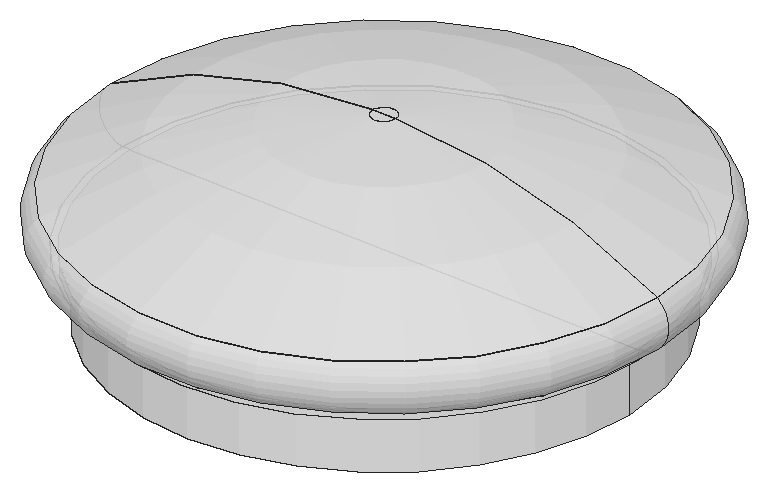
Revit family "0043281 Sylvania Lighting Fixture SYLCIRCLE 12W 3000K", category Lighting Fixtures, host Face, Revit 2016
Family settings
  Host = Face
  Part Type = Normal
  Round Connector Dimension = Use Diameter
  OmniClass Number = 23.80.70.11.17
  OmniClass Title = Specialized Lighting by Location or Use
  Cut with Voids When Loaded = No
  Light Source = Yes
  Shared = No
  Room Calculation Point = No
Parameters (values of type "0043281 SYLCIRCLE 12W 3000K")
  Weight = "2.082 kg"
  WarrantyStartDate [instance] = "n/a"
  WarrantyGuarantorParts = "n/a"
  WarrantyDurationUnit = "n/a"
  WarrantyDurationParts = "n/a"
  WarrantyDescription = "n/a"
  Voltage = 230 V
  TypeName = "SYLCIRCLE 12W 3000K"
  SerialNumber [instance] = "n/a"
  Radius_FEILO = 125.0 mm
  Wattage = 12 W
  built-in parameter 1150110 = 1 (stored number, unit not read)
  URL = "http://www.sylvania-lighting.com"
  built-in parameter 1114217 = 1 (stored number, unit not read)
  Tilt Angle = -90°
  built-in parameter 1150109 = 1 (stored number, unit not read)
  built-in parameter 1150134 = (empty or 0)
  built-in parameter 1150113 = 1 (stored number, unit not read)
  PowerFactor = 0.8
  PowerConsumption = "12 W"
  Photometric Web File = "0043281.ies"
  NominalWidth = 0.0 mm
  NominalLength = 250.0 mm
  NominalHeight = 80.0 mm
  Name = "SYLCIRCLE 12W 3000K"
  ModelReference = "SYLCIRCLE 12W 3000K"
  ModelNumber = "0043281"
  Material_4_FEILO = none
  Material_3_FEILO = Polycarbonate_Sylvania_Sylcircle_Opal
  Material_2_FEILO = Metal_Sylvania_Sylcircle_White
  Material_1_FEILO = none
  Material = "aluminium housing, polycarbonate diffuser"
  ManufacturerName = "Feilo Sylvania"
  LuminousEfficacy = "83 lm/W"
  LuminaireType = ""
  LightOutputRatio = "n/a"
  LampsType = Lamp  # "LED"
  LampNominalLuminous = "1000 lm"
  LampMacAdamStep = "6"
  LampColourTemperature = "3000 K"
  LampColourRenderingIndex = "80"
  Keynote = "16500"
  InstallationDate [instance] = "n/a"
  InputVoltage = "220-240V~"
  InputNominalFrequency = "50 Hz"
  IngressProtection = "IP44"
  ImpactProtectionIndex = "IK03"
  IfcExportType = "IfcLightFixtureType"
  IfcExportAs = "IfcLightFixtureType"
  Height_FEILO = 80.0 mm
  ExpectedLife = 50000
  ElectricShockClassification = "Class I"
  DurationUnit = "hours"
  DocumentationLiterature = "http://www.sylvania-lighting.com/product/en-int/products/0043281"
  DimmingControlOptions = "Non dimmable"
  Diameter_FEILO = 2 * Radius_FEILO  # 250.0 mm
  CreatedOn = "5/25/2018"
  CreatedBy = "aron.fodor@sylvania-lighting.com"
  built-in parameter 1114216 [instance] = 1 (stored number, unit not read)
  Model = "SYLCIRCLE 12W 3000K"
  Manufacturer = "Feilo Sylvania"
  built-in parameter 1150105 = 232.6 (stored number, unit not read)
  Lumens = 996 lm
  built-in parameter 1150115 = 1 (stored number, unit not read)
  built-in parameter 1150137 = (empty or 0)
  built-in parameter 1150139 = (empty or 0)
  built-in parameter 1150112 = 1 (stored number, unit not read)
  built-in parameter 1150114 = 1 (stored number, unit not read)
  Lamp = "LED"
  built-in parameter 1150132 = 2
  built-in parameter 1150102 = (empty or 0)
  built-in parameter 1150107 = 3000 (stored number, unit not read)
  built-in parameter 1150138 = (empty or 0)
  built-in parameter 1150106 = 2.326 (stored number, unit not read)
  built-in parameter 1150104 = 7.711 (stored number, unit not read)
  Dimming Lamp Color Temperature Shift = <None>
  Description = "Ceiling / wall luminaire with integrated LED  Perfect solution for hallways, circulation spaces or foyer.   Even and uniform light distribution with a halo lighting effect on the wall surface    12W 1000 lumens Supplied with LED driver (non-dimmable)    IK03 PMMA diffuser   Low maintenance with 30,000 hours LED life expectancy"
  Default Elevation = 0.0 mm
  Color Filter = 16777215
  built-in parameter 1140040 [instance] = 1
  BarCode [instance] = "n/a"
  built-in parameter 1114218 = 1 (stored number, unit not read)
  built-in parameter 1150133 = 10 (stored number, unit not read)
  AssetType = "Fixed"
  AssetIdentifier [instance] = "n/a"
  Assembly Code = "D5020200"
  Apparent Load = 12 VA
Reference planes
  plane 1 "Center (Front/Back)": y = 0
  plane 2: z = 0
  plane 3 "Center (Left/Right)": x = 0
  plane 4: x = 125
  plane 5: z = 23
  plane 6 "Housing Bottom": z = 27
  plane 7: z = 50
  plane 8 "Fixture Bottom": z = 80
  plane 9: x = 120
  plane 10: x = 115
  plane 11: x = 112
  plane 12: x = 108
Forms (mm)
  Revolve 1, solid, material "Polycarbonate_Sylvania_Sylcircle_Opal" <- "Material_3_FEILO", detail levels fine
    sketch origin (0, 0, 0) x (1, 0, 0) y (0, 0, 1)
      loop
        line (0, 80) -> (0, 27) -> (114.962, 27)
        arc (114.962, 27) -> (124.736, 36.911) -> (120, 50) r 13.044
        arc (120, 50) -> (64.424, 72.377) -> (5, 80) r 235.417
        line (5, 80) -> (0, 80)
      axis (0, 80) -> (0, 27)
    angle from 0 to 360
  Revolve 2, solid, material "Metal_Sylvania_Sylcircle_White" <- "Material_2_FEILO", detail levels fine
    sketch origin (0, 0, 0) x (1, 0, 0) y (0, 0, 1)
      loop
        line (112, 27) -> (0, 27) -> (0, 0) -> (108, 0) -> (108, 23) -> (112, 23) -> (112, 27)
      axis (0, 27) -> (0, 0)
    angle from 0 to 360
  Revolve 3, solid, material "Metal_Sylvania_Sylcircle_White" <- "Material_2_FEILO", detail levels coarse+medium
    sketch origin (0, 0, 0) x (1, 0, 0) y (0, 0, 1)
      loop
        line (0, 80) -> (0, 0) -> (108, 0) -> (108, 23) -> (112, 23) -> (112, 27) -> (114.962, 27)
        arc (114.962, 27) -> (124.736, 36.911) -> (120, 50) r 13.044
        arc (120, 50) -> (64.424, 72.377) -> (5, 80) r 235.417
        line (5, 80) -> (0, 80)
      axis (0, 80) -> (0, 0)
    angle from 0 to 360
Dimensions and locks
  "Height_FEILO": plane 8 "Fixture Bottom" to plane 2
  "Radius_FEILO": plane 4 to plane 3 "Center (Left/Right)"
  plane 6 "Housing Bottom" to plane 5 to plane 2 = 4.0 mm locked, 23.0 mm locked
  plane 4 to plane 9 to plane 10 to plane 11 to plane 12 = 5.0 mm locked, 5.0 mm locked, 3.0 mm locked, 4.0 mm locked
  aligned and locked: plane 2 to host face
  aligned and locked: level to host face
  aligned and locked: plane 1 "Center (Front/Back)" to imposter light
  aligned and locked: plane 3 "Center (Left/Right)" to imposter light
  aligned and locked: Revolve 1 sketch curve to plane 3 "Center (Left/Right)"
  aligned and locked: plane 6 "Housing Bottom" to Revolve 1 sketch curve  (x2)
  aligned and locked: Revolve 1 sketch curve to plane 8 "Fixture Bottom"
  aligned and locked: plane 9 to Revolve 1 sketch curve
  aligned and locked: Revolve 2 sketch curve to plane 6 "Housing Bottom"
  aligned and locked: Revolve 2 sketch curve to plane 11
  aligned and locked: Revolve 2 sketch curve to plane 5
  aligned and locked: Revolve 2 sketch curve to plane 12
  aligned and locked: Revolve 2 sketch curve to plane 2
  aligned and locked: Revolve 2 sketch curve to plane 3 "Center (Left/Right)"  (x2)
  aligned and locked: plane 8 "Fixture Bottom" to imposter light
  aligned and locked: plane 9 to Revolve 3 sketch curve
  aligned and locked: plane 6 "Housing Bottom" to Revolve 3 sketch curve
  aligned and locked: plane 7 to Revolve 3 sketch curve
  aligned and locked: Revolve 3 sketch curve to imposter light
  aligned and locked: Revolve 3 sketch curve to plane 11
  aligned and locked: Revolve 3 sketch curve to plane 2
  aligned and locked: Revolve 3 sketch curve to plane 5
  aligned and locked: Revolve 3 sketch curve to plane 12
Automatic sketch dimensions
  host sketch curve to host sketch curve = 1305.563 mm
  host sketch curve to host sketch curve = 1283.632 mm
  Revolve 1 sketch curve to plane 3 "Center (Left/Right)" = 0.0 mm
  Revolve 1 sketch curve to plane 7 = 0.0 mm
  Revolve 1 sketch curve to plane 10 = 0.038 mm
  plane 3 "Center (Left/Right)" to Revolve 1 sketch curve = 5.0 mm
  Revolve 1 sketch curve to plane 10 = 3.007 mm
  Revolve 1 sketch curve to Revolve 1 sketch curve = 234.06 mm
  Revolve 1 sketch curve to Revolve 1 sketch curve = 2559.943 mm
  Revolve 2 sketch curve to level = 372.274 mm
  plane 8 "Fixture Bottom" to Revolve 2 sketch curve = 2559.943 mm
  Revolve 3 sketch curve to plane 3 "Center (Left/Right)" = 0.0 mm  (x2)
  plane 3 "Center (Left/Right)" to Revolve 3 sketch curve = 5.0 mm
  Revolve 3 sketch curve to plane 10 = 0.038 mm
  Revolve 3 sketch curve to plane 11 = 0.007 mm
  Revolve 3 sketch curve to Revolve 3 sketch curve = 234.06 mm
  Revolve 3 sketch curve to Revolve 3 sketch curve = 2559.943 mm
Connectors
  electrical at (0, 0, 0), driven by "Apparent Load", driven by "Voltage", driven by "PowerFactor"
    settings: on Revolve 2, index 1, voltage 230 V, apparent load 0 VA, apparent load phase1 12 VA, apparent load phase2 0 VA, apparent load phase3 0 VA, power factor 0.8, load classification "Lighting", number of poles 1, system type 31, power factor state 1, is connector primary yes, connector utility no, sub classification motor no, connector description ""
